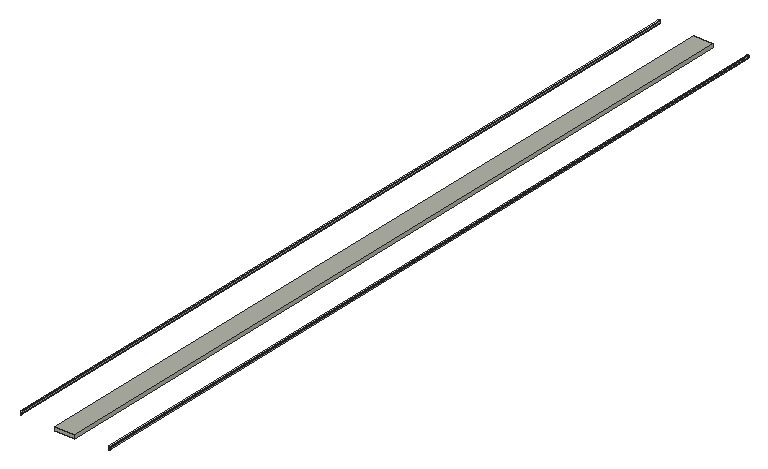
Revit family "Bridge_Railings", category Generic Models, Revit 2020
Family settings
  Can host rebar = No
  Round Connector Dimension = Use Diameter
  Part Type = Normal
  Work Plane-Based = No
  Always vertical = Yes
  Cut with Voids When Loaded = No
  Shared = No
  Room Calculation Point = No
Parameters
  Width = 2 m
  URL = "https://www-sciencedirect-com.tudelft.idm.oclc.org/topics/engineering/railings"
  Type Comments = "Version 1.0"
  Transparency = 10
  Thickness = 0.2 m
  Reliability_Class = "CC2"
  Model = "New Phase"
  Material_Type = "Concrete and Aluminium"
  Manufacturer = "Royal HaskoningDHV - TU Delft"
  Load_Capacity = 10
  Length = 80 m
  Keynote = "CME Master Thesis - Shreenidhi"
  Internal_Diameter = 0.1 m
  Fall_Protection = yes
  External_Diameter = 1
  Design_Life = 25
  Description = "Side railings for the proposed bridge"
  Deicing_Prevention = yes
  Default Elevation = 0 m
  Chloride_Protection = yes
  Assembly Code = "VD006"
Reference planes (m)
  plane 1 "Center (Front/Back)": y = 0
  plane 2: z = 0
  plane 3 "Center (Left/Right)": x = 0
Forms (m)
  Extrusion 1, solid, material "Metal Trim"
    sketch origin (7.971781, 0, 0.243351) x (1, 0, 0) y (0, 0, 1)
      loop
        circle (-0.02, -0.25) r 0.05
      loop
        circle (-0.02, -0.13) r 0.05
      loop
        circle (-0.02, -0.01) r 0.05
      loop
        circle (8.876437, -0.25) r 0.05
      loop
        circle (8.876437, -0.13) r 0.05
      loop
        circle (8.876437, -0.01) r 0.05
    from -67.785677 to 12.16604
  Extrusion 2, solid, material "Concrete Masonry, Floor Block"
    sketch origin (0, 0, -0.3) x (1, 0, 0) y (0, 0, 1)
      loop
        line (13.39, 0.4) -> (11.4, 0.4) -> (11.4, 0) -> (13.39, 0) -> (13.39, 0.4)
    from -67.785677 to 12.16604
Dimensions and locks (m)
  aligned and locked: level to plane 2
